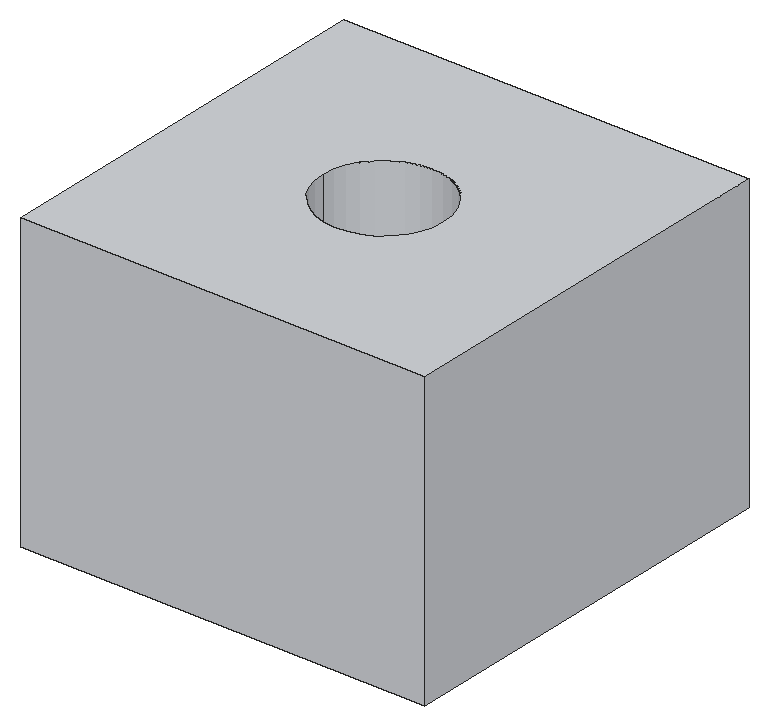
Revit family "Gramos Square", category Lighting Fixtures, Revit 2017
Family settings
  Round Connector Dimension = Use Diameter
  Part Type = Normal
  OmniClass Number = 23.80.70.00
  OmniClass Title = Lighting
  Work Plane-Based = No
  Always vertical = Yes
  Cut with Voids When Loaded = No
  Light Source = Yes
  Shared = No
  Room Calculation Point = No
Parameters
  Wattage = 9.2903 W
  built-in parameter 1150110 = 1 (stored number, unit not read)
  built-in parameter 1114217 = 1 (stored number, unit not read)
  built-in parameter 1150109 = 1 (stored number, unit not read)
  built-in parameter 1150134 = (empty or 0)
  built-in parameter 1150113 = 1 (stored number, unit not read)
  Lumens = 1380 lm
  built-in parameter 1150115 = 1 (stored number, unit not read)
  built-in parameter 1150105 = 109.82 (stored number, unit not read)
  Light Source Symbol Size = 609.6 mm
  built-in parameter 1150137 = (empty or 0)
  built-in parameter 1150139 = (empty or 0)
  built-in parameter 1150112 = 1 (stored number, unit not read)
  built-in parameter 1150114 = 1 (stored number, unit not read)
  built-in parameter 1150132 = 2
  built-in parameter 1150102 = (empty or 0)
  built-in parameter 1150138 = (empty or 0)
  built-in parameter 1150107 = 3000 (stored number, unit not read)
  built-in parameter 1150106 = 1.0982 (stored number, unit not read)
  built-in parameter 1150104 = 13.8 (stored number, unit not read)
  Dimming Lamp Color Temperature Shift = (empty or 0)
  Color Filter = 16777215
  built-in parameter 1114218 = 1 (stored number, unit not read)
  built-in parameter 1150133 = 10 (stored number, unit not read)
Reference planes
  plane 1 "Light Source Axis (F/B)": y = 0
  plane 2: z = 0
  plane 3 "Light Source Axis (L/R)": x = 0
  plane 4 "Light Source Elevation": z = 1500
Forms (mm)
  Extrusion 1, solid
    sketch origin (1.744, 3.752, 0) x (1, 0, 0) y (0, 1, 0)
      loop
        line (-151.744, 146.248) -> (-151.744, -153.752) -> (148.256, -153.752) -> (148.256, 146.248) -> (-151.744, 146.248)
      loop
        circle (-2.021, -4.042) r 45
    from -218.571 to 0
Dimensions and locks
  Extrusion 1 sketch curve to Extrusion 1 sketch curve = 300 mm
  aligned and locked: plane 3 "Light Source Axis (L/R)" to imposter light
  aligned and locked: plane 1 "Light Source Axis (F/B)" to imposter light
  aligned and locked: plane 4 "Light Source Elevation" to imposter light
  aligned and locked: level to plane 2
  aligned and locked: level to Extrusion 1
